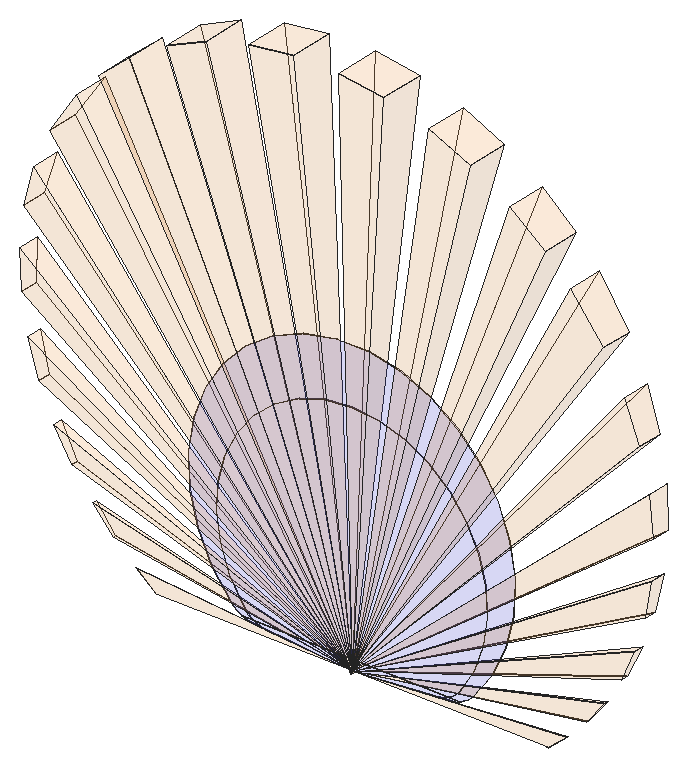
Revit family "Wall_Sensor-Dual-HCS-Switch", category Lighting Devices, host Face, Revit 2014
Parameters (values of type "LHMTS1")
  zz YesNo 2 = yes
  zz YesNo 1 = no
  zz Length 4 = 2.57"
  zz Length 3 = 1.70"
  zz Length 2 = 4.13"
  zz Length 1 = 1.72"
  Weight = 0.082 kg
  Wattage = 800 VA
  Warranty = "Five-year limited"  # constant formula
  Voltage = 120 V
  Ultrasonic Output = "40kHz output"  # constant formula
  Ultrasonic Minor Motion [instance] = yes
  Ultrasonic Major Motion [instance] = yes
  URL = "https://www.hubbell.com/hubbellcontrolsolutions/en/"
  Type Comments = "Lighting Device"  # constant formula
  Time Delay = "4-30 minutes, self-adapts based on occupancy; Fixed mode: 4, 8, 15, and 30 minutes;Test mode: 5 seconds"  # constant formula
  Product Page URL = "https://www.hubbell.com/hubbellcontrolsolutions/en/Products/Lighting-Controls/Lighting-Controls-Sensors/Wallbox-Switches/LightHAWK2-Dual-Technology/p/220896"
  Product Material = Plastic - Hubbell - Light Almond
  Product Documentation Link = "https://hubbellcdn.com/specsheet/1116A_LightHAWK2_LHUS.pdf"
  Power Factor = 1
  Photocell = "Natural light override range: 10-500 foot-candles"  # constant formula
  PIR Motion [instance] = yes
  Operating Temperature = "32° – 104°F (0° – 40°C)\r"  # constant formula
  Operating Mode = "Single Relay, One Button"
  Number of Poles = 1
  Mounting = "Single-gang NEMA-style switch box, Decorator-style wall plate sold separately"  # constant formula
  Model = "LHMTS1"
  Manufacturer = "Hubbell Control Solutions"  # constant formula
  Load Classification = Lighting
  Frequency = 60 Hz
  Field of View [instance] = yes
  Electrical Ratings = "120VAC; 277VAC; 347VAC"  # constant formula
  Description = "LightHAWK®2 Dual Technology Wall Switch Sensor"  # constant formula
  Default Elevation = 48.00"
  Create Date = "04/03/2018"  # constant formula
  Coverage = "1,000 square-foot, 180° coverage area"  # constant formula
  Copyright = "Copyright © Hubbell Control Solutions"  # constant formula
  Contact Us = "https://www.hubbell.com/hubbellcontrolsolutions/en/contactUs?productId=220945"
  Connector Description 2 = "Controls"  # constant formula
  Connector Description 1 = "Power Supply"  # constant formula
  Certifications = "Listed UL and cUL"  # constant formula
  Assembly Code = "D5020120"
  Ambient Humidity Range = "0% to 95% Relative Humidity (non-condensing)"  # constant formula
Types (6): name | zz YesNo 2 | zz YesNo 1 | Operating Mode | Model
  LHMTS0 | no | no | "Single Relay, No Buttons" | "LHMTS0"
  LHMTS1 | yes | no | "Single Relay, One Button" | "LHMTS1"
  LHMTD0 | no | no | "Dual Relay(One Input / Two Outputs), No Buttons" | "LHMTD0"
  LHMTD2 | yes | yes | "Dual Relay(One Input / Two Outputs), Two Buttons" | "LHMTD2"
  LHDCMTD0 | no | no | "Dual Circuit(Two Inputs / Two Outputs), No Buttons" | "LHDCMTD0"
  LHDCMTD2 | yes | yes | "Dual Circuit(Two Inputs / Two Outputs), Two Buttons" | "LHDCMTD2"
Reference planes (in)
  plane 1 "Center (Front/Back)": y = 0
  plane 2: z = 0
  plane 3 "Center (Left/Right)": x = 0
  plane 4: x = -0.86
  plane 5: x = 0.86
  plane 6: y = 1.285
  plane 7: y = -1.285
  plane 8: x = 0.40844
  plane 9: x = -0.40844
  plane 10: y = 1.13865
  plane 11: y = 0.26347
  plane 12: y = -1.35
  plane 13: y = 1.35
  plane 14: z = 0.04
  plane 15: z = 0.57
  plane 16: x = 0.57326
  plane 17: x = -0.57326
  plane 18: y = -0.58465
  plane 19: y = -0.6664
  plane 20: y = -0.71099
  plane 21: y = -0.77292
  plane 22: y = -0.81751
  plane 23: y = -0.87944
  plane 24: y = -0.91659
  plane 25: y = -0.981
  plane 26: y = -1.01816
  plane 27: y = -1.08504
  plane 28: z = -1.13
  plane 29: y = -0.45397
  plane 30: y = -0.246
  plane 31: y = -0.16212
  plane 32: y = 0.04585
  plane 33: x = 1.25
  plane 34: x = -1.25
  plane 35: y = 2
  plane 36: y = -2
  plane 37: z = 0.28666
Forms (in)
  Blend 1, solid, material "Plastic - Hubbell - Light Almond" <- "Product Material"
    base sketch origin (0, 0, 0) x (1, 0, 0) y (0, 1, 0)
      loop
        line (-0.86, 1.35) -> (-0.86, -1.35) -> (0.86, -1.35) -> (0.86, 1.35) -> (-0.86, 1.35)
    top sketch origin (0, 0, 0) x (1, 0, 0) y (0, 1, 0)
      loop
        line (-0.65844, 1.285) -> (-0.65844, -1.285) -> (0.65844, -1.285) -> (0.65844, 1.285) -> (-0.65844, 1.285)
    from 0 to 0.57
  Extrusion 2, void
    sketch origin (0, 0, 0) x (1, 0, 0) y (0, 1, 0)
      loop
        line (-0.57326, -0.58465) -> (-0.57326, -0.6664) -> (0.57326, -0.6664) -> (0.57326, -0.58465) -> (-0.57326, -0.58465)
      loop
        line (-0.57326, -0.71099) -> (-0.57326, -0.77292) -> (0.57326, -0.77292) -> (0.57326, -0.71099) -> (-0.57326, -0.71099)
      loop
        line (-0.57326, -0.81751) -> (-0.57326, -0.87944) -> (0.57326, -0.87944) -> (0.57326, -0.81751) -> (-0.57326, -0.81751)
      loop
        line (-0.57326, -0.91659) -> (-0.57326, -0.981) -> (0.57326, -0.981) -> (0.57326, -0.91659) -> (-0.57326, -0.91659)
      loop
        line (-0.57326, -1.01816) -> (-0.57326, -1.08504) -> (0.57326, -1.08504) -> (0.57326, -1.01816) -> (-0.57326, -1.01816)
    from 0.04 to 0.57
  Extrusion 3, solid, material "Plastic - Hubbell - Light Almond" <- "Product Material"
    sketch origin (0, 0, 0) x (1, 0, 0) y (0, 0, 1)
      loop
        line (-0.86, 0) -> (-0.86, -1.13) -> (0.86, -1.13) -> (0.86, 0) -> (-0.86, 0)
    from -1.35 to 1.35
  Blend 4, solid, material "Plastic - Hubbell - Light Almond" <- "Product Material"
    base sketch origin (0, 0, 0) x (1, 0, 0) y (0, 1, 0)
      loop
        line (-0.75844, 1.31875) -> (-0.75844, -1.31875) -> (0.75844, -1.31875) -> (0.75844, 1.31875) -> (-0.75844, 1.31875)
    top sketch origin (0, 0, 0) x (1, 0, 0) y (0, 1, 0)
      loop
        line (-1.25, 2) -> (-1.25, -2) -> (1.25, -2) -> (1.25, 2) -> (-1.25, 2)
    from 0.28666 to 0
Cuts and joins
  Extrusion 2 cuts Blend 1
Lines and regions (in)
  model lines, style "Model"
    curve 1: line (-0.40844, 1.13865, 0.57) -> (0.40844, 1.13865, 0.57)
    curve 2: line (0.40844, 0.26347, 0.57) -> (-0.40844, 0.26347, 0.57)
    curve 3: line (0.40844, 1.13865, 0.57) -> (0.40844, 0.26347, 0.57)
    curve 79: line (-0.40844, 1.13865, 0.57) -> (-0.40844, 0.26347, 0.57)
  model lines, style "Model", visible <- "zz YesNo 1"
    curve 4: line (-0.40844, 0.04585, 0.57) -> (0.40844, 0.04585, 0.57)
    curve 5: line (0.40844, -0.16212, 0.57) -> (-0.40844, -0.16212, 0.57)
    curve 6: line (0.40844, 0.04585, 0.57) -> (0.40844, -0.16212, 0.57)
    curve 80: line (-0.40844, -0.16212, 0.57) -> (-0.40844, 0.04585, 0.57)
  symbolic lines, style "Symbolic Lines"
    curve 7: line (0.65844, 2.07051, 0) -> (-0.65844, 2.07051, 0)
    curve 8: line (0.65844, 1.74291, 0) -> (0.65844, 2.07051, 0)
    curve 9: line (0.40844, 1.74291, 0) -> (0.65844, 1.74291, 0)
    curve 10: line (-0.65844, 2.07051, 0) -> (-0.65844, 1.74291, 0)
    curve 11: line (-0.40844, 1.74291, 0) -> (-0.40844, 1.35, 0)
    curve 12: line (0.40844, 1.35, 0) -> (0.40844, 1.74291, 0)
    curve 13: line (0.86, 1.35, 0) -> (0.40844, 1.35, 0)
    curve 14: line (0.86, -1.35, 0) -> (0.86, 1.35, 0)
    curve 15: line (-0.86, 1.35, 0) -> (-0.86, -1.35, 0)
    curve 16: line (-0.40844, 1.35, 0) -> (-0.86, 1.35, 0)
    curve 17: line (0.40844, -1.74291, 0) -> (0.40844, -1.35, 0)
    curve 18: line (0.65844, -1.74291, 0) -> (0.40844, -1.74291, 0)
    curve 19: line (0.65844, -2.07051, 0) -> (0.65844, -1.74291, 0)
    curve 20: line (-0.65844, -2.07051, 0) -> (0.65844, -2.07051, 0)
    curve 21: line (-0.65844, -1.74291, 0) -> (-0.65844, -2.07051, 0)
    curve 22: line (-0.40844, -1.74291, 0) -> (-0.65844, -1.74291, 0)
    curve 23: line (-0.40844, -1.35, 0) -> (-0.40844, -1.74291, 0)
    curve 24: line (0.40844, -1.35, 0) -> (0.86, -1.35, 0)
    curve 25: line (-0.40844, -1.35, 0) -> (-0.86, -1.35, 0)
    curve 26: line (-0.40844, 1.74291, 0) -> (-0.65844, 1.74291, 0)
    curve 27: line (0.86, 0, -1.13) -> (0.86, 0, 0)
    curve 28: line (-0.86, 0, 0) -> (-0.86, 0, -1.13)
    curve 29: line (-0.86, 0, -1.13) -> (0.86, 0, -1.13)
    curve 30: line (0.40844, 0, 0.57) -> (-0.40844, 0, 0.57)
    curve 31: arc (0.40844, 0, 0.57) -> (0.59136, 0, 0.52027) -> (0.72393, 0, 0.38478) r 0.36131
    curve 32: line (-0.72393, 0, 0.38478) -> (-0.86, 0, 0)
    curve 33: line (0.72393, 0, 0.38478) -> (0.86, 0, 0)
    curve 34: line (0, -1.35, -1.13) -> (0, 1.35, -1.13)
    curve 35: line (0, -1.35, 0) -> (0, -1.35, -1.13)
    curve 36: line (0, 1.35, -1.13) -> (0, 1.35, 0)
    curve 37: line (0, 1.35, 0) -> (0, 1.74291, 0)
    curve 38: line (0, 1.74291, 0) -> (0, 2.07051, 0)
    curve 39: line (0, -1.61273, 0) -> (0, -1.35, 0)
    curve 40: line (0, -1.94034, 0) -> (0, -1.61273, 0)
    curve 41: line (0, 2.07051, 0) -> (0, 1.74291, 0)
    curve 42: line (0, 1.74291, 0) -> (0, 1.35, 0)
    curve 43: line (0, -1.35, 0) -> (0, -1.61273, 0)
    curve 44: line (0, -1.61273, 0) -> (0, -1.94034, 0)
    curve 45: line (0, -0.58465, 0.57) -> (0, -0.58465, 0.53036)
    curve 46: line (0, -0.58465, 0.53036) -> (0, -0.6664, 0.53036)
    curve 47: line (0, -0.6664, 0.53036) -> (0, -0.6664, 0.57)
    curve 48: line (0, -0.71099, 0.57) -> (0, -0.71099, 0.53036)
    curve 49: line (0, -0.71099, 0.53036) -> (0, -0.77292, 0.53036)
    curve 50: line (0, -0.77292, 0.53036) -> (0, -0.77292, 0.57)
    curve 51: line (0, -0.81751, 0.53036) -> (0, -0.87944, 0.53036)
    curve 52: line (0, -0.87944, 0.53036) -> (0, -0.87944, 0.57)
    curve 53: line (0, -0.91659, 0.57) -> (0, -0.91659, 0.53036)
    curve 54: line (0, -1.01816, 0.53036) -> (0, -1.08504, 0.53036)
    curve 55: line (0, -1.01816, 0.57) -> (0, -1.01816, 0.53036)
    curve 56: line (0, -1.08504, 0.53036) -> (0, -1.08504, 0.57)
    curve 57: line (0, -0.58465, 0.57) -> (0, 1.285, 0.57)
    curve 58: line (0, -1.285, 0.57) -> (0, -1.08504, 0.57)
    curve 59: line (0, -1.01816, 0.57) -> (0, -0.981, 0.57)
    curve 60: line (0, -0.91659, 0.57) -> (0, -0.87944, 0.57)
    curve 61: line (0, -0.81751, 0.57) -> (0, -0.77292, 0.57)
    curve 62: line (0, -0.71099, 0.57) -> (0, -0.6664, 0.57)
    curve 63: line (0, 1.285, 0.57) -> (0, 1.35, 0)
    curve 64: line (0, -1.285, 0.57) -> (0, -1.35, 0)
    curve 78: arc (-0.40844, 0, 0.57) -> (-0.59136, 0, 0.52027) -> (-0.72393, 0, 0.38478) r 0.36131
  model lines, style "Model", visible <- "zz YesNo 2"
    curve 65: line (-0.40844, -0.246, 0.57) -> (0.40844, -0.246, 0.57)
    curve 66: line (0.40844, -0.45397, 0.57) -> (-0.40844, -0.45397, 0.57)
    curve 67: line (0.40844, -0.246, 0.57) -> (0.40844, -0.45397, 0.57)
    curve 81: line (-0.40844, -0.246, 0.57) -> (-0.40844, -0.45397, 0.57)
  symbolic lines
    curve 68: line (-0.86, 1.35, 0) -> (0.86, 1.35, 0)
    curve 69: line (-0.86, -1.35, 0) -> (-0.86, 1.35, 0)
    curve 70: line (0.86, -1.35, 0) -> (-0.86, -1.35, 0)
    curve 71: line (0.86, 1.35, 0) -> (0.86, -1.35, 0)
    curve 82: line (0, -0.91659, 0.53036) -> (0, -0.981, 0.53036)
    curve 83: line (0, -0.981, 0.53036) -> (0, -0.981, 0.57)
    curve 84: line (0, -0.81751, 0.53036) -> (0, -0.81751, 0.57)
    curve 85: line (-1.25, 2, 0) -> (1.25, 2, 0)
    curve 86: line (-1.25, -2, 0) -> (-1.25, 2, 0)
    curve 87: line (1.25, -2, 0) -> (-1.25, -2, 0)
    curve 88: line (1.25, 2, 0) -> (1.25, -2, 0)
    curve 93: line (1.25, 0, 0) -> (-1.25, 0, 0)
    curve 94: line (-1.25, 0, 0) -> (-0.75868, 0, 0.28651)
    curve 95: line (1.25, 0, 0) -> (0.75868, 0, 0.28651)
  reference lines
    curve 72: line (-0.73803, 0, 0.57) -> (-0.73803, 0, 0.36887)
    curve 73: line (-0.73803, 0, 0.57) -> (-0.40844, 0, 0.57)
    curve 74: arc (-0.73803, 0, 0.36887) -> (-0.60149, 0, 0.51575) -> (-0.40844, 0, 0.57) r 0.37062
    curve 75: line (0.73803, 0, 0.57) -> (0.73803, 0, 0.36887)
    curve 76: line (0.73803, 0, 0.57) -> (0.40844, 0, 0.57)
    curve 77: arc (0.73803, 0, 0.36887) -> (0.60149, 0, 0.51575) -> (0.40844, 0, 0.57) r 0.37062
  symbolic lines, detail levels fine
    curve 89: line (-0.86, 1.35, 0) -> (-1.25, 2, 0)
    curve 90: line (0.86, 1.35, 0) -> (1.25, 2, 0)
    curve 91: line (-0.86, -1.35, 0) -> (-1.25, -2, 0)
    curve 92: line (0.86, -1.35, 0) -> (1.25, -2, 0)
Dimensions and locks (in)
  "zz Length 1": plane 4 to plane 5
  equal spacing: plane 6, plane 1 "Center (Front/Back)", plane 7
  "zz Length 4": plane 6 to plane 7
  locked: plane 14 to level at 0.04
  locked: plane 15 to plane 14 at 0.53
  "zz Length 3": plane 15 to plane 28
  equal spacing: plane 4, plane 3 "Center (Left/Right)", plane 5
  plane 17 to plane 9 to plane 3 "Center (Left/Right)" to plane 8 to plane 16 = 0.16482" locked, 0.40844" locked, 0.40844" locked, 0.16482" locked
  plane 18 to plane 19 to plane 20 to plane 21 to plane 22 to plane 23 to plane 24 to plane 25 to plane 26 to plane 27 = 0.08175" locked, 0.04459" locked, 0.06193" locked, 0.04459" locked, 0.06193" locked, 0.03716" locked, 0.06441" locked, 0.03716" locked, 0.06688" locked
  plane 1 "Center (Front/Back)" to plane 11 to plane 10 to plane 6 to plane 13 = 0.26347", 0.87519", 0.14635", 0.065"
  plane 32 to plane 31 to plane 30 to plane 29 to plane 18 = 0.20797" locked, 0.08388" locked, 0.20797" locked, 0.13068" locked
  plane 13 to plane 1 "Center (Front/Back)" to plane 12 = 1.35" locked, 1.35" locked
  equal spacing: plane 34, plane 3 "Center (Left/Right)", plane 33, locked at 1.25 each
  equal spacing: plane 35, plane 1 "Center (Front/Back)", plane 36, locked at 2 each
  locked: plane 37 to plane 2 at 0.28666
  aligned and locked: plane 2 to host face
  aligned and locked: level to host face
  aligned and locked: Blend 1 sketch curve to plane 6
  aligned and locked: Blend 1 sketch curve to plane 7
  aligned and locked: plane 15 to Blend 1
  aligned and locked: curve 1 to plane 10
  aligned and locked: plane 11 to curve 2
  aligned and locked: plane 8 to curve 6
  aligned and locked: Extrusion 2 sketch curve to plane 18
  aligned and locked: plane 17 to Extrusion 2 sketch curve  (x5)
  aligned and locked: plane 19 to Extrusion 2 sketch curve
  aligned and locked: plane 16 to Extrusion 2 sketch curve  (x5)
  aligned and locked: Extrusion 2 sketch curve to plane 20
  aligned and locked: plane 21 to Extrusion 2 sketch curve
  aligned and locked: Extrusion 2 sketch curve to plane 22
  aligned and locked: plane 23 to Extrusion 2 sketch curve
  aligned and locked: Extrusion 2 sketch curve to plane 24
  aligned and locked: plane 25 to Extrusion 2 sketch curve
  aligned and locked: Extrusion 2 sketch curve to plane 26
  aligned and locked: plane 27 to Extrusion 2 sketch curve
  aligned and locked: Blend 1 to Extrusion 2
  aligned and locked: plane 8 to curve 3
  aligned and locked: plane 28 to Extrusion 3 sketch curve
  aligned and locked: plane 5 to Extrusion 3 sketch curve
  aligned and locked: plane 13 to Extrusion 3
  aligned and locked: plane 12 to Extrusion 3
  aligned and locked: nested 1 to plane 1 "Center (Front/Back)"
  aligned and locked: plane 3 "Center (Left/Right)" to nested 1
  aligned and locked: plane 5 to Blend 1 sketch curve
  aligned and locked: Blend 1 sketch curve to plane 12
  aligned and locked: plane 4 to Blend 1 sketch curve
  aligned and locked: Blend 1 sketch curve to plane 13
  aligned and locked: Extrusion 3 to plane 4
  aligned and locked: Extrusion 3 to plane 28
  aligned and locked: Extrusion 3 to plane 5
  aligned and locked: host face to Extrusion 3
  aligned and locked: plane 12 to curve 24
  aligned and locked: curve 25 to plane 12
  aligned and locked: cut or joined group of Blend 1, Extrusion 2 to curve 32
  aligned and locked: curve 33 to cut or joined group of Blend 1, Extrusion 2
  aligned and locked: plane 15 to curve 57
  aligned and locked: curve 58 to cut or joined group of Blend 1, Extrusion 2
  aligned and locked: curve 60 to plane 15
  aligned and locked: curve 61 to plane 15
  aligned and locked: curve 62 to plane 15
  aligned and locked: plane 15 to curve 59
  aligned and locked: curve 63 to cut or joined group of Blend 1, Extrusion 2
  aligned and locked: cut or joined group of Blend 1, Extrusion 2 to curve 64
  aligned and locked: Blend 1 to level
  aligned and locked: plane 29 to curve 66
  aligned and locked: plane 30 to curve 65
  aligned and locked: plane 31 to curve 5
  aligned and locked: plane 32 to curve 4
  aligned and locked: plane 5 to curve 71
  aligned and locked: curve 68 to plane 13
  aligned and locked: curve 70 to plane 12
  aligned and locked: plane 4 to curve 69
  aligned and locked: curve 79 to plane 9
  aligned and locked: plane 9 to curve 80
  aligned and locked: curve 81 to plane 9
  aligned and locked: plane 8 to curve 67
  aligned and locked: curve 27 to plane 5
  aligned and locked: plane 18 to curve 45
  aligned and locked: plane 20 to curve 48
  aligned and locked: curve 47 to plane 19
  aligned and locked: curve 50 to plane 21
  aligned and locked: curve 84 to plane 22
  aligned and locked: curve 52 to plane 23
  aligned and locked: plane 24 to curve 53
  aligned and locked: curve 83 to plane 25
  aligned and locked: plane 26 to curve 55
  aligned and locked: curve 56 to plane 27
  aligned and locked: curve 36 to plane 13
  aligned and locked: plane 28 to curve 34
  aligned and locked: curve 35 to plane 12
  aligned and locked: Extrusion 2 to plane 14
  aligned and locked: plane 37 to Blend 4
  aligned and locked: Blend 4 to plane 2
  aligned and locked: plane 34 to Blend 4 sketch curve
  aligned and locked: Blend 4 sketch curve to plane 35
  aligned and locked: plane 33 to Blend 4 sketch curve
  aligned and locked: Blend 4 sketch curve to plane 36
  aligned and locked: curve 85 to Blend 4
  aligned and locked: curve 86 to Blend 4
  aligned and locked: curve 87 to Blend 4
  aligned and locked: curve 88 to Blend 4
Automatic sketch dimensions
  host sketch curve to host sketch curve = 96.00"  (x2)
  Extrusion 3 sketch curve to plane 4 = 0.00"
  Extrusion 3 sketch curve to level = 0.00"
  curve 73 to plane 15 = 0.00"
  curve 74 to plane 9 = 0.00"
  curve 73 to plane 9 = 0.00"
  plane 8 to curve 77 = 0.00"
  plane 8 to curve 76 = 0.00"
  curve 75 to plane 15 = 0.00"
  curve 74 to plane 15 = 0.00"
  curve 77 to plane 15 = 0.00"
  plane 4 to curve 72 = 0.12197"
  plane 5 to curve 75 = 0.12197"
  curve 74 to curve 72 = 0.20113"
  curve 75 to curve 75 = 0.20113"
  curve 43 to curve 35 = 0.26273"
  curve 40 to curve 39 = 0.32761"
  curve 44 to curve 40 = 0.00"
  plane 13 to curve 42 = 0.39291"
  curve 37 to curve 41 = 0.32761"
  curve 38 to curve 41 = 0.00"
  curve 46 to plane 15 = 0.03964"
  curve 83 to plane 15 = 0.03964"
  curve 48 to plane 15 = 0.03964"
  curve 51 to plane 15 = 0.03964"
  curve 54 to curve 82 = 0.00"
  Blend 1 sketch curve to plane 16 = 0.08518"
  Blend 1 sketch curve to plane 17 = 0.08518"
  Blend 4 sketch curve to plane 12 = 0.03125"
  plane 4 to Blend 4 sketch curve = 0.10156"
  plane 5 to Blend 4 sketch curve = 0.10156"
  Blend 4 sketch curve to plane 13 = 0.03125"
  curve 26 to plane 9 = 0.00"
  curve 23 to plane 9 = 0.00"
  curve 13 to plane 8 = 0.00"
  curve 24 to plane 8 = 0.00"
  curve 22 to plane 17 = 0.08518"
  curve 10 to plane 17 = 0.08518"
  curve 19 to plane 16 = 0.08518"
  curve 9 to plane 16 = 0.08518"
  plane 36 to curve 21 = 0.07051"
  curve 19 to plane 36 = 0.25709"
  curve 22 to plane 36 = 0.25709"
  curve 26 to plane 35 = 0.25709"
  curve 9 to plane 35 = 0.25709"
  plane 35 to curve 10 = 0.07051"
  curve 93 to level = 0.00"
  curve 93 to plane 34 = 0.00"
  curve 28 to plane 4 = 0.00"
  curve 78 to plane 9 = 0.00"
  plane 8 to curve 31 = 0.00"
  plane 33 to curve 95 = 0.00"
  curve 29 to plane 28 = 0.00"
  curve 78 to plane 15 = 0.00"
  plane 4 to curve 32 = 0.13607"
  plane 5 to curve 33 = 0.13607"
  curve 94 to plane 37 = 0.00014"
  curve 95 to plane 37 = 0.00014"
Nested families (in)
  nested 1: "Field of View-Dual" at (0, 0, 0), type "Field of View-Dual"
Connectors (in)
  electrical at (0, 0, 0), driven by "Connector Description 2"
    settings: on Extrusion 3, index 2, voltage 0 V, apparent load 0 VA, apparent load phase1 0 VA, apparent load phase2 0 VA, apparent load phase3 0 VA, power factor 1, load classification "Other", number of poles 1, system type 13, power factor state 1, is connector primary yes, connector utility no, sub classification motor no, connector description "Controls"
  electrical at (0, 0, -1.13), driven by "Voltage", driven by "Wattage", driven by "Power Factor", driven by "Load Classification", driven by "Connector Description 1", driven by "Number of Poles"
    settings: on Extrusion 3, index 3, voltage 120 V, apparent load 800 VA, apparent load phase1 0 VA, apparent load phase2 0 VA, apparent load phase3 0 VA, power factor 1, load classification "Lighting", number of poles 1, system type 30, power factor state 1, is connector primary no, connector utility no, sub classification motor no, connector description "Power Supply"
Definition of nested family "Field of View-Dual"
  Parameters (values of type "Field of View-Dual")
    zz YesNo 3 = and(Field of View, Ultrasonic Minor Motion)  # yes
    zz YesNo 2 = and(Field of View, Ultrasonic Major Motion)  # yes
    zz YesNo 1 = and(Field of View, PIR Motion)  # yes
    Ultrasonic Minor Motion = yes
    Ultrasonic Major Motion = yes
    PIR Motion = yes
    Field of View = yes
  Reference planes (in)
    plane 1 "Center (Front/Back)": y = 0
    plane 2: z = 0
    plane 3 "Center (Left/Right)": x = 0
    plane 4: z = 600
    plane 5: x = 336
    plane 6: x = -336
    plane 7: y = -48
    plane 8: z = 240
    plane 9: x = -144
    plane 10: x = 144
  Forms (in)
    Extrusion 1, solid, material "PIR View", visible <- "zz YesNo 1"
      sketch origin (0, 0, 0) x (1, 0, 0) y (0, 0, 1)
        loop
          arc (-0.855, 0) -> (-0.85431, 0.03443) -> (-0.85223, 0.0688) r 0.855
          line (-0.85223, 0.0688) -> (-229.48381, 18.52585)
          arc (-229.48381, 18.52585) -> (-218.89257, 9.03458) -> (-207.90916, 0) r 336
          line (-207.90916, 0) -> (-0.855, 0)
        loop
          arc (-0.84393, 0.13715) -> (-0.83772, 0.17102) -> (-0.83016, 0.20461) r 0.855
          line (-0.83016, 0.20461) -> (-272.311, 67.11863)
          arc (-272.311, 67.11863) -> (-262.09605, 53.70843) -> (-251.22137, 40.82745) r 336
          line (-251.22137, 40.82745) -> (-0.84393, 0.13715)
        loop
          arc (-0.811, 0.27075) -> (-0.79944, 0.30319) -> (-0.78658, 0.33513) r 0.855
          line (-0.78658, 0.33513) -> (-308.82637, 131.57862)
          arc (-308.82637, 131.57862) -> (-300.81456, 114.262) -> (-291.83272, 97.42808) r 336
          line (-291.83272, 97.42808) -> (-0.811, 0.27075)
        loop
          arc (-0.75706, 0.39734) -> (-0.74045, 0.4275) -> (-0.72264, 0.45697) r 0.855
          line (-0.72264, 0.45697) -> (-331.58886, 209.68409)
          arc (-331.58886, 209.68409) -> (-327.60082, 189.29312) -> (-322.36009, 169.18763) r 336
          line (-322.36009, 169.18763) -> (-0.75706, 0.39734)
        loop
          arc (-0.68352, 0.51363) -> (-0.66229, 0.54074) -> (-0.63998, 0.56697) r 0.855
          line (-0.63998, 0.56697) -> (-334.44022, 296.28818)
          arc (-334.44022, 296.28818) -> (-335.83949, 274.33472) -> (-335.79923, 252.33675) r 336
          line (-335.79923, 252.33675) -> (-0.68352, 0.51363)
        loop
          arc (-0.59228, 0.61663) -> (-0.56697, 0.63998) -> (-0.54074, 0.66229) r 0.855
          line (-0.54074, 0.66229) -> (-313.7274, 384.24631)
          arc (-313.7274, 384.24631) -> (-321.17747, 362.64701) -> (-327.14241, 340.59133) r 336
          line (-327.14241, 340.59133) -> (-0.59228, 0.61663)
        loop
          arc (-0.4857, 0.70365) -> (-0.45697, 0.72264) -> (-0.4275, 0.74045) r 0.855
          line (-0.4275, 0.74045) -> (-262.55102, 473.6238)
          arc (-262.55102, 473.6238) -> (-279.38682, 450.60243) -> (-294.20961, 426.23621) r 336
          line (-294.20961, 426.23621) -> (-0.4857, 0.70365)
        loop
          arc (-0.36653, 0.77245) -> (-0.33513, 0.78658) -> (-0.30319, 0.79944) r 0.855
          line (-0.30319, 0.79944) -> (-201.94678, 532.4899)
          arc (-201.94678, 532.4899) -> (-220.45456, 517.51648) -> (-237.85564, 501.27015) r 336
          line (-237.85564, 501.27015) -> (-0.36653, 0.77245)
        loop
          arc (-0.23788, 0.82124) -> (-0.20461, 0.83016) -> (-0.17102, 0.83772) r 0.855
          line (-0.17102, 0.83772) -> (-118.10358, 578.50962)
          arc (-118.10358, 578.50962) -> (-140.28939, 569.26147) -> (-161.75728, 558.4509) r 336
          line (-161.75728, 558.4509) -> (-0.23788, 0.82124)
        loop
          arc (-0.10306, 0.84877) -> (-0.0688, 0.85223) -> (-0.03443, 0.85431) r 0.855
          line (-0.03443, 0.85431) -> (-24.14217, 599.08189)
          arc (-24.14217, 599.08189) -> (-48.14643, 596.48292) -> (-71.90208, 592.16687) r 336
          line (-71.90208, 592.16687) -> (-0.10306, 0.84877)
        loop
          line (0.23788, 0.82124) -> (161.75728, 558.4509)
          arc (161.75728, 558.4509) -> (140.28939, 569.26147) -> (118.10358, 578.50962) r 336
          line (118.10358, 578.50962) -> (0.17102, 0.83772)
          arc (0.17102, 0.83772) -> (0.20461, 0.83016) -> (0.23788, 0.82124) r 0.855
        loop
          line (0.10306, 0.84877) -> (71.90208, 592.16687)
          arc (71.90208, 592.16687) -> (48.14643, 596.48292) -> (24.14217, 599.08189) r 336
          line (24.14217, 599.08189) -> (0.03443, 0.85431)
          arc (0.03443, 0.85431) -> (0.0688, 0.85223) -> (0.10306, 0.84877) r 0.855
        loop
          line (0.855, 0) -> (207.90916, 0)
          arc (207.90916, 0) -> (218.89257, 9.03458) -> (229.48381, 18.52585) r 336
          line (229.48381, 18.52585) -> (0.85223, 0.0688)
          arc (0.85223, 0.0688) -> (0.85431, 0.03443) -> (0.855, 0) r 0.855
        loop
          line (0.84393, 0.13715) -> (251.22137, 40.82745)
          arc (251.22137, 40.82745) -> (262.09605, 53.70843) -> (272.311, 67.11863) r 336
          line (272.311, 67.11863) -> (0.83016, 0.20461)
          arc (0.83016, 0.20461) -> (0.83772, 0.17102) -> (0.84393, 0.13715) r 0.855
        loop
          line (0.811, 0.27075) -> (291.83272, 97.42808)
          arc (291.83272, 97.42808) -> (300.81456, 114.262) -> (308.82637, 131.57862) r 336
          line (308.82637, 131.57862) -> (0.78658, 0.33513)
          arc (0.78658, 0.33513) -> (0.79944, 0.30319) -> (0.811, 0.27075) r 0.855
        loop
          line (0.75706, 0.39734) -> (322.36009, 169.18763)
          arc (322.36009, 169.18763) -> (327.60082, 189.29312) -> (331.58886, 209.68409) r 336
          line (331.58886, 209.68409) -> (0.72264, 0.45697)
          arc (0.72264, 0.45697) -> (0.74045, 0.4275) -> (0.75706, 0.39734) r 0.855
        loop
          line (0.68352, 0.51363) -> (335.79923, 252.33675)
          arc (335.79923, 252.33675) -> (335.83949, 274.33472) -> (334.44022, 296.28818) r 336
          line (334.44022, 296.28818) -> (0.63998, 0.56697)
          arc (0.63998, 0.56697) -> (0.66229, 0.54074) -> (0.68352, 0.51363) r 0.855
        loop
          line (0.59228, 0.61663) -> (327.14241, 340.59133)
          arc (327.14241, 340.59133) -> (321.17747, 362.64701) -> (313.7274, 384.24631) r 336
          line (313.7274, 384.24631) -> (0.54074, 0.66229)
          arc (0.54074, 0.66229) -> (0.56697, 0.63998) -> (0.59228, 0.61663) r 0.855
        loop
          line (0.4857, 0.70365) -> (294.20961, 426.23621)
          arc (294.20961, 426.23621) -> (279.38682, 450.60243) -> (262.55102, 473.6238) r 336
          line (262.55102, 473.6238) -> (0.4275, 0.74045)
          arc (0.4275, 0.74045) -> (0.45697, 0.72264) -> (0.4857, 0.70365) r 0.855
        loop
          line (0.36653, 0.77245) -> (237.85564, 501.27015)
          arc (237.85564, 501.27015) -> (220.45456, 517.51648) -> (201.94678, 532.4899) r 336
          line (201.94678, 532.4899) -> (0.30319, 0.79944)
          arc (0.30319, 0.79944) -> (0.33513, 0.78658) -> (0.36653, 0.77245) r 0.855
      from -0.5 to 48.048
    Extrusion 2, solid, material "Ultrasonic View", visible <- "zz YesNo 2"
      sketch origin (0, 0, 0) x (1, 0, 0) y (0, 0, 1)
        loop
          arc (127.73728, 19.85099) -> (0, 312) -> (-127.73728, 19.85099) r 174
          arc (-127.73728, 19.85099) -> (-117.04744, 11.91819) -> (-104.20567, 8.41235) r 36
          line (-104.20567, 8.41235) -> (0, 0) -> (104.20567, 8.41235)
          arc (104.20567, 8.41235) -> (117.04744, 11.91819) -> (127.73728, 19.85099) r 36
      from -0.504 to 0.504
    Extrusion 3, solid, material "Ultrasonic View", visible <- "zz YesNo 3"
      sketch origin (0, 0, 0) x (1, 0, 0) y (0, 0, 1)
        loop
          arc (115.08492, 21.44677) -> (0, 252) -> (-115.08492, 21.44677) r 144
          arc (-115.08492, 21.44677) -> (-103.67588, 11.54852) -> (-89.21049, 7.20181) r 36
          line (-89.21049, 7.20181) -> (0, 0) -> (89.21049, 7.20181)
          arc (89.21049, 7.20181) -> (103.67588, 11.54852) -> (115.08492, 21.44677) r 36
      from -0.504 to 0.504
    Extrusion 4, void
      sketch origin (0, 0, 0) x (0, 1, 0) y (0, 0, 1)
        loop
          line (-48.048, 0) -> (0.46846, 0) -> (-48.048, 600) -> (-48.048, 0)
      from -411.56279 to 424.17576
  Cuts and joins
    Extrusion 4 cuts Extrusion 1
    Extrusion 4 cuts Extrusion 2
    Extrusion 4 cuts Extrusion 3
  Dimensions and locks (in)
    plane 5 to plane 3 "Center (Left/Right)" to plane 6 = 336.00", 336.00"
    plane 1 "Center (Front/Back)" to plane 7 = 48.00"
    plane 8 to cut or joined group of Extrusion 1, Extrusion 4 = 240.00"
    plane 10 to plane 3 "Center (Left/Right)" to plane 9 = 144.00", 144.00"
    plane 4 to cut or joined group of Extrusion 1, Extrusion 4 = 600.00"
    aligned and locked: plane 2 to level
